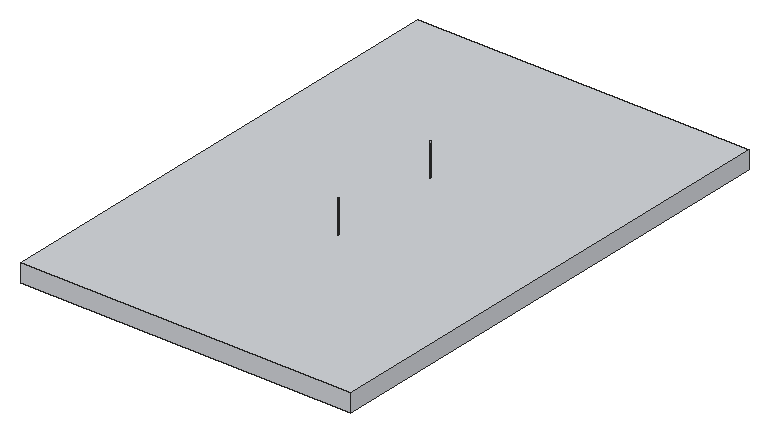
Revit family "V-LENSESxx100xxWSxx", category Leuchten, Revit 2020
Family settings
  Basisbauteil = Fläche
  Bemaßung runder Anschluss = Durchmesser verwenden
  Teiletyp = Normal
  OmniClass-Nummer = 23.80.70.11
  OmniClass-Titel = Luminaries for Internal Lighting
  Beim Laden mit Abzugskörper schneiden = Nein
  Lichtquelle = Ja
  Gemeinsam genutzt = Nein
  Raumberechnungspunkt = Nein
Parameters (values of type "V-LENSES-D100-5RFWS840B0300")
  width = 113 mm  # constant formula
  weight = "2,18"
  voltage type (AC, DC, UC) = "AC"
  suspension hight [instance] = 200 mm
  rated input power = 20
  product name = "V-LENSES-D100-5RFWS840B0300"
  nominal voltage = "230"
  nominal frequency = "50-60Hz"
  length = 1000 mm  # constant formula
  ingress protection (IP) code = "IP20"
  height = 83 mm  # constant formula
  electrical safety class = "1"
  control gear = ""
  conformity mark = "CE"  # constant formula
  brand = "RIDI"
  approval mark = ""
  built-in parameter 1150104 = 13.8 (stored number, unit not read)
  Wattage = 21.5427 W
  Von Breite des Rechtecks ausssenden = 766 mm  # constant formula
  Von Länge des Rechtecks aussenden = 111 mm  # constant formula
  Default Elevation = 0 mm
  built-in parameter 1150113 = 1 (stored number, unit not read)
  built-in parameter 1114218 = 1 (stored number, unit not read)
  URL = "www.ridi.de"
  built-in parameter 1150134 = 12
  built-in parameter 1150109 = 1 (stored number, unit not read)
  built-in parameter 1150110 = 1 (stored number, unit not read)
  Apparent Load = 20 VA
  Tilt Angle = 90.00°
  Modell = "1522572"
  built-in parameter 1114217 = 1 (stored number, unit not read)
  built-in parameter 1150139 = (empty or 0)
  built-in parameter 1150105 = 254.65 (stored number, unit not read)
  built-in parameter 1150114 = 1 (stored number, unit not read)
  Lumens = 3200 lm
  built-in parameter 1150115 = 1 (stored number, unit not read)
  built-in parameter 1150112 = 1 (stored number, unit not read)
  Lampe = "LED"
  Hersteller = "RIDI Leuchten GmbH"  # constant formula
  Dimming Lamp Color Temperature Shift = (empty or 0)
  Color Filter = 16777215
  built-in parameter 1150133 = 10 (stored number, unit not read)
  Emit Shape Visible in Rendering = no
  built-in parameter 1150137 = (empty or 0)
  built-in parameter 1150132 = 2
  Datei für fotometrisches Netz = "V-LENSES-D.IES"
  Copyright = "© RIDI. All rights reserved."  # constant formula
  built-in parameter 1150106 = 2.5465 (stored number, unit not read)
  Baugruppenkennzeichen = "D5020200"
  built-in parameter 1150107 = 4000 (stored number, unit not read)
  built-in parameter 1150102 = (empty or 0)
  built-in parameter 1150138 = (empty or 0)
Types (5, lengths in mm): name | weight | rated input power | product name | Wattage | Apparent Load | Modell | built-in parameter 1150105 | Lumens | Datei für fotometrisches Netz | built-in parameter 1150106
  (no name) | "2,18" | 20 | "V-LENSES-D100-5RFWS840B0300" | 21.5427 W | 20 VA | "1522572" | 254.65 (stored number, unit not read) | 3200 lm | "V-LENSES-D.IES" | 2.5465 (stored number, unit not read)
  V-LENSES-D100-5RFWS840B0300 | "2,18" | 20 | "V-LENSES-D100-5RFWS840B0300" | 21.5427 W | 20 VA | "1522572" | 254.65 (stored number, unit not read) | 3200 lm | "V-LENSES-D.IES" | 2.5465 (stored number, unit not read)
  V-LENSES-D100-7DAWS840B0300 | "2,18" | 20 | "V-LENSES-D100-7DAWS840B0300" | 21.5427 W | 20 VA | "1532571" | 254.65 (stored number, unit not read) | 3200 lm | "V-LENSES-D.IES" | 2.5465 (stored number, unit not read)
  V-LENSES-DI100-5RFWS840B0450 | "2,3" | 28 | "V-LENSES-DI100-5RFWS840B0450" | 28.948 W | 28 VA | "1522573" | 342.18 (stored number, unit not read) | 4300 lm | "V-LENSES-DI.IES" | 3.4218 (stored number, unit not read)
  V-LENSES-DI100-7DAWS840B0450 | "2,3" | 27 | "V-LENSES-DI100-7DAWS840B0450" | 28.948 W | 27 VA | "1532574" | 342.18 (stored number, unit not read) | 4300 lm | "V-LENSES-DI.IES" | 3.4218 (stored number, unit not read)
Reference planes
  plane 1 "Mitte (Vorne/hinten)": y = 0
  plane 2: z = 0
  plane 3 "Mitte (Links/rechts)": x = 0
  plane 4: z = 200
Forms (mm)
  Extrusion 1, solid
    sketch origin (219.2, 280.8, 0) x (1, 0, 0) y (0, 1, 0)
      loop
        line (-1219.2, 1219.2) -> (-1219.2, -1780.8) -> (780.8, -1780.8) -> (780.8, 1219.2) -> (-1219.2, 1219.2)
    from 0 to -107.307
  Extrusion 2, solid
    sketch origin (0, 0, 0) x (1, 0, 0) y (0, 1, 0)
      loop
        circle (0, 350) r 2
      loop
        circle (0, -350) r 2
    from 0 to 200.369
Dimensions and locks
  "suspension hight": plane 4 to Extrusion 1
  locked: plane 1 "Mitte (Vorne/hinten)" to Extrusion 2 sketch curve at 350
  locked: Extrusion 2 sketch curve to plane 1 "Mitte (Vorne/hinten)" at 350
  locked: imposter light to plane 4 at 82.205
  aligned and locked: plane 2 to Extrusion 1
  aligned and locked: imposter light to plane 3 "Mitte (Links/rechts)"
  aligned and locked: import instance to plane 4
  aligned and locked: import instance to Extrusion 2
Automatic sketch dimensions
  Extrusion 1 sketch curve to Extrusion 1 sketch curve = 2000 mm
  Extrusion 1 sketch curve to Extrusion 1 sketch curve = 3000 mm
  Extrusion 2 sketch curve to plane 3 "Mitte (Links/rechts)" = 0 mm  (x2)
  radius of Extrusion 2 sketch curve = 2 mm  (x2)
Connectors
  electrical at (0, -350, 200.369), driven by "Apparent Load"
    settings: on Extrusion 2, index 1, voltage 230 V, apparent load 0 VA, apparent load phase1 20 VA, apparent load phase2 0 VA, apparent load phase3 0 VA, power factor 1, load classification "Lighting", number of poles 1, system type 31, power factor state 1, is connector primary yes, connector utility no, sub classification motor no, connector description ""
